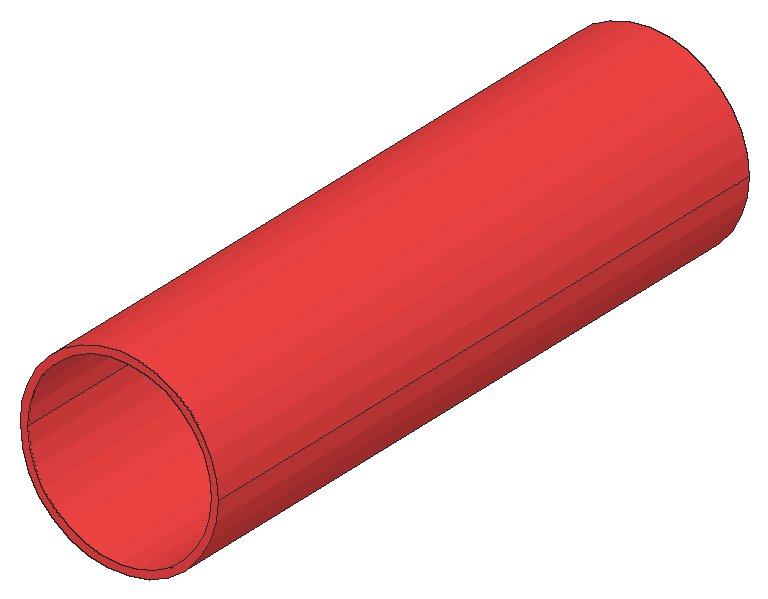
Revit family "E_Firefly Oversleeve_Electrical", category Specialty Equipment, Revit 2015
Parameters (values of type "FF109 Firefly Oversleeve")
  Width_Calc [instance] = if(Width < 180 mm, if(Width > 50 mm, Width, 50 mm), 180 mm)  # 180 mm
  Wall Width [instance] = 130 mm
  URL = "https://www.tenmat.com/passive-fire-protection"
  Tenmat Item Number = "I109BT00170067020000"
  Youtube clip = "https://www.youtube.com/watch?v=qLyTY9hMMF8&feature=youtu.be"
  Protrusion_Length [instance] = if(Ablative Coated Fire Batts, 60 mm, 25 mm)  # 60 mm
  Conduit Material Suitability = "HDEP, UPVC, PVC,"
  Performance = "BS EN 1366-3:2009 & BS 476, ETA-12/0332, 1224-CPR-0341, CE Marked"
  OutsideRadius [instance] = InsideRadius + 2 mm  # 27 mm
  Model = ""
  Material = "Intumescent Sealant"
  Manufacturer = "Tenmat ltd"
  Width [instance] = Wall Width + Protrusion_Length * 2  # 250 mm
  IFC Classification = "Building Element Proxy"
  InsideRadius [instance] = Conduit Diameter / 2  # 25 mm
  Description = "FireFly 109 Fire Sleeve for 17mm pipe - 200mm Length"
  Conduit Diameter_Calc [instance] = if(Conduit Diameter < 60 mm, if(Conduit Diameter > 5 mm, Conduit Diameter, 5 mm), 60 mm)  # 50 mm
  Conduit Diameter [instance] = 50 mm
  Cut length [instance] = pi() * Conduit Diameter  # 157.08 mm
  Assembly Code = ""
  Ablative Coated Fire Batts [instance] = yes
Reference planes
  plane 1 "Center (Front/Back)": y = 0
  plane 2: z = 0
  plane 3 "Center (Left/Right)": x = 0
  plane 4 "Back": y = 90
  plane 5 "Front": y = -90
  plane 6: y = 0.5
Forms (mm)
  Extrusion 1, solid, material "Tenmat"
    sketch origin (0, 0, 0) x (1, 0, 0) y (0, 0, 1)
      loop
        circle (0, 0) r 25
      loop
        circle (0, 0) r 27
    from -90 to 90
Dimensions and locks
  equal spacing: plane 4 "Back", plane 1 "Center (Front/Back)", plane 5 "Front"
  "Width_Calc": plane 4 "Back" to plane 5 "Front"
  "InsideRadius": radius of Extrusion 1 sketch curve
  "OutsideRadius": radius of Extrusion 1 sketch curve
  aligned and locked: level to plane 2
  aligned and locked: plane 3 "Center (Left/Right)" to Extrusion 1 sketch curve  (x2)
  aligned and locked: plane 2 to Extrusion 1 sketch curve  (x2)
  aligned and locked: plane 4 "Back" to Extrusion 1
  aligned and locked: plane 5 "Front" to Extrusion 1
